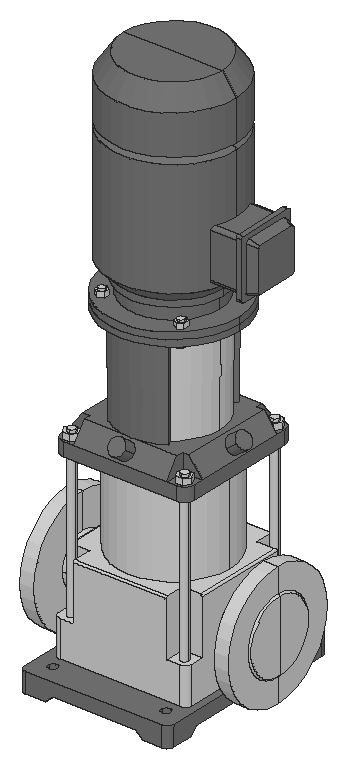
Revit family "TESK_Насос вертикальный_SVM(T)-32", category Оборудование, Revit 2019 (continued)
Types in the file's own list only (64): name | Толщина_ФланцаДвигателя | Напор максимальный | Материал_КорпусУлитка | Высота_Башня | Высота_Корпуса | D_Башня | ADSK_Полная мощность | ADSK_Номинальная мощность | ADSK_Напряжение | ADSK_Наименование | ADSK_Масса_Текст | ADSK_Масса | ADSK_Марка | ADSK_Код изделия | ADSK_Диаметр условный | Фланец_Толщина | УГО_Длина | Двигатель_Ширина | Двигатель_ОтступКоробки | Двигатель_Высота
  SVM 32-6 11kW 3x380V 50Hz IE3 | 17 мм | 108 | TESK_Нержавеющая сталь | 280 мм | 960 мм | 263 мм | 11 кВ·А | 11 кВт | 400 В | "Вертикальный многоступенчатый центробежный насос SVM, DN65, PN25-40, Hmax=108м (3x380V 50Hz IE3)" | "185" | 185 | "SVM 32-6 11kW 3x380V 50Hz IE3" | "7732-60003380NSSF" | 65 мм | 24 мм | 320 мм | 350 мм | 260 мм | 580 мм
  SVM 32-70-2 15kW 3x380V 50Hz IE3 | 17 мм | 119 | TESK_Нержавеющая сталь | 300 мм | 1030 мм | 263 мм | 15 кВ·А | 15 кВт | 400 В | "Вертикальный многоступенчатый центробежный насос SVM, DN65, PN25-40, Hmax=119м (3x380V 50Hz IE3)" | "199" | 199 | "SVM 32-70-2 15kW 3x380V 50Hz IE3" | "7732-7-20003380NSSF" | 65 мм | 24 мм | 320 мм | 350 мм | 260 мм | 580 мм
  SVM 32-7 15kW 3x380V 50Hz IE3 | 17 мм | 126 | TESK_Нержавеющая сталь | 300 мм | 1030 мм | 263 мм | 15 кВ·А | 15 кВт | 400 В | "Вертикальный многоступенчатый центробежный насос SVM, DN65, PN25-40, Hmax=126м (3x380V 50Hz IE3)" | "199" | 199 | "SVM 32-7 15kW 3x380V 50Hz IE3" | "7732-70003380NSSF" | 65 мм | 24 мм | 320 мм | 350 мм | 260 мм | 580 мм
  SVM 32-80-2 15kW 3x380V 50Hz IE3 | 17 мм | 136 | TESK_Нержавеющая сталь | 320 мм | 1100 мм | 263 мм | 15 кВ·А | 15 кВт | 400 В | "Вертикальный многоступенчатый центробежный насос SVM, DN65, PN25-40, Hmax=136м (3x380V 50Hz IE3)" | "203" | 203 | "SVM 32-80-2 15kW 3x380V 50Hz IE3" | "7732-8-20003380NSSF" | 65 мм | 24 мм | 320 мм | 350 мм | 260 мм | 580 мм
  SVM 32-8 15kW 3x380V 50Hz IE3 | 17 мм | 144 | TESK_Нержавеющая сталь | 320 мм | 1100 мм | 263 мм | 15 кВ·А | 15 кВт | 400 В | "Вертикальный многоступенчатый центробежный насос SVM, DN65, PN25-40, Hmax=144м (3x380V 50Hz IE3)" | "203" | 203 | "SVM 32-8 15kW 3x380V 50Hz IE3" | "7732-80003380NSSF" | 65 мм | 24 мм | 320 мм | 350 мм | 260 мм | 580 мм
  SVM 32-90-2 18.5kW 3x380V 50Hz IE3 | 18 мм | 154 | TESK_Нержавеющая сталь | 340 мм | 1170 мм | 263 мм | 19 кВ·А | 19 кВт | 400 В | "Вертикальный многоступенчатый центробежный насос SVM, DN65, PN25-40, Hmax=154м (3x380V 50Hz IE3)" | "222" | 222 | "SVM 32-90-2 18.5kW 3x380V 50Hz IE3" | "7732-9-20003380NSSF" | 65 мм | 24 мм | 320 мм | 350 мм | 260 мм | 610 мм
  SVM 32-9 18.5kW 3x380V 50Hz IE3 | 18 мм | 162 | TESK_Нержавеющая сталь | 340 мм | 1170 мм | 263 мм | 19 кВ·А | 19 кВт | 400 В | "Вертикальный многоступенчатый центробежный насос SVM, DN65, PN25-40, Hmax=162м (3x380V 50Hz IE3)" | "222" | 222 | "SVM 32-9 18.5kW 3x380V 50Hz IE3" | "7732-90003380NSSF" | 65 мм | 24 мм | 320 мм | 350 мм | 260 мм | 610 мм
  SVM 32-100-2 18.5kW 3x380V 50Hz IE3 | 18 мм | 175 | TESK_Нержавеющая сталь | 360 мм | 1240 мм | 263 мм | 19 кВ·А | 19 кВт | 400 В | "Вертикальный многоступенчатый центробежный насос SVM, DN65, PN25-40, Hmax=175м (3x380V 50Hz IE3)" | "227" | 227 | "SVM 32-100-2 18.5kW 3x380V 50Hz IE3" | "7732-1020003380NSSF" | 65 мм | 24 мм | 320 мм | 350 мм | 260 мм | 610 мм
  SVM 32-10 18.5kW 3x380V 50Hz IE3 | 18 мм | 182 | TESK_Нержавеющая сталь | 360 мм | 1240 мм | 263 мм | 19 кВ·А | 19 кВт | 400 В | "Вертикальный многоступенчатый центробежный насос SVM, DN65, PN25-40, Hmax=182м (3x380V 50Hz IE3)" | "227" | 227 | "SVM 32-10 18.5kW 3x380V 50Hz IE3" | "7732-1000003380NSSF" | 65 мм | 24 мм | 320 мм | 350 мм | 260 мм | 610 мм
  SVM 32-110-2 22kW 3x380V 50Hz IE3 | 19 мм | 193 | TESK_Нержавеющая сталь | 380 мм | 1310 мм | 270 мм | 22 кВ·А | 22 кВт | 400 В | "Вертикальный многоступенчатый центробежный насос SVM, DN65, PN25-40, Hmax=193м (3x380V 50Hz IE3)" | "272" | 272 | "SVM 32-110-2 22kW 3x380V 50Hz IE3" | "7732-110003380N-2SSF" | 65 мм | 24 мм | 320 мм | 360 мм | 285 мм | 645 мм
  SVM 32-11 22kW 3x380V 50Hz IE3 | 19 мм | 200 | TESK_Нержавеющая сталь | 380 мм | 1310 мм | 270 мм | 22 кВ·А | 22 кВт | 400 В | "Вертикальный многоступенчатый центробежный насос SVM, DN65, PN25-40, Hmax=200м (3x380V 50Hz IE3)" | "272" | 272 | "SVM 32-11 22kW 3x380V 50Hz IE3" | "7732-110003380NSSF" | 65 мм | 24 мм | 320 мм | 360 мм | 285 мм | 645 мм
  SVM 32-120-2 22kW 3x380V 50Hz IE3 | 19 мм | 211 | TESK_Нержавеющая сталь | 400 мм | 1380 мм | 270 мм | 22 кВ·А | 22 кВт | 400 В | "Вертикальный многоступенчатый центробежный насос SVM, DN65, PN25-40, Hmax=211м (3x380V 50Hz IE3)" | "276" | 276 | "SVM 32-120-2 22kW 3x380V 50Hz IE3" | "7732-12-20003380NSSF" | 65 мм | 24 мм | 320 мм | 360 мм | 285 мм | 645 мм
  SVM 32-12 22kW 3x380V 50Hz IE3 | 19 мм | 218 | TESK_Нержавеющая сталь | 400 мм | 1380 мм | 270 мм | 22 кВ·А | 22 кВт | 400 В | "Вертикальный многоступенчатый центробежный насос SVM, DN65, PN25-40, Hmax=218м (3x380V 50Hz IE3)" | "276" | 276 | "SVM 32-12 22kW 3x380V 50Hz IE3" | "7732-120003380NSSF" | 65 мм | 24 мм | 320 мм | 360 мм | 285 мм | 645 мм
  SVM 32-130-2 30kW 3x380V 50Hz IE3 | 21 мм | 230 | TESK_Нержавеющая сталь | 420 мм | 1450 мм | 300 мм | 30 кВ·А | 30 кВт | 400 В | "Вертикальный многоступенчатый центробежный насос SVM, DN65, PN25-40, Hmax=230м (3x380V 50Hz IE3)" | "337" | 337 | "SVM 32-130-2 30kW 3x380V 50Hz IE3" | "7732-1320003380NSSF" | 65 мм | 24 мм | 320 мм | 400 мм | 310 мм | 705 мм
  SVM 32-13 30kW 3x380V 50Hz IE3 | 21 мм | 237 | TESK_Нержавеющая сталь | 420 мм | 1450 мм | 300 мм | 30 кВ·А | 30 кВт | 400 В | "Вертикальный многоступенчатый центробежный насос SVM, DN65, PN25-40, Hmax=237м (3x380V 50Hz IE3)" | "337" | 337 | "SVM 32-13 30kW 3x380V 50Hz IE3" | "7732-130003380NSSF" | 65 мм | 24 мм | 320 мм | 400 мм | 310 мм | 705 мм
  SVM 32-140-2 30kW 3x380V 50Hz IE3 | 21 мм | 247 | TESK_Нержавеющая сталь | 440 мм | 1520 мм | 300 мм | 30 кВ·А | 30 кВт | 400 В | "Вертикальный многоступенчатый центробежный насос SVM, DN65, PN25-40, Hmax=247м (3x380V 50Hz IE3)" | "341" | 341 | "SVM 32-140-2 30kW 3x380V 50Hz IE3" | "7732-1420003380NSSF" | 65 мм | 24 мм | 320 мм | 400 мм | 310 мм | 705 мм
  SVM 32-14 30kW 3x380V 50Hz IE3 | 21 мм | 255 | TESK_Нержавеющая сталь | 440 мм | 1520 мм | 300 мм | 30 кВ·А | 30 кВт | 400 В | "Вертикальный многоступенчатый центробежный насос SVM, DN65, PN25-40, Hmax=255м (3x380V 50Hz IE3)" | "341" | 341 | "SVM 32-14 30kW 3x380V 50Hz IE3" | "7732-140003380NSSF" | 65 мм | 24 мм | 320 мм | 400 мм | 310 мм | 705 мм
  SVM 32-150-2 30kW 3x380V 50Hz IE3 | 21 мм | 266 | TESK_Нержавеющая сталь | 460 мм | 1590 мм | 300 мм | 30 кВ·А | 30 кВт | 400 В | "Вертикальный многоступенчатый центробежный насос SVM, DN65, PN25-40, Hmax=266м (3x380V 50Hz IE3)" | "345" | 345 | "SVM 32-150-2 30kW 3x380V 50Hz IE3" | "7732-15-20003380NSSF" | 65 мм | 24 мм | 320 мм | 400 мм | 310 мм | 705 мм
  SVM 32-15 30kW 3x380V 50Hz IE3 | 21 мм | 274 | TESK_Нержавеющая сталь | 460 мм | 1590 мм | 300 мм | 30 кВ·А | 30 кВт | 400 В | "Вертикальный многоступенчатый центробежный насос SVM, DN65, PN25-40, Hmax=274м (3x380V 50Hz IE3)" | "345" | 345 | "SVM 32-15 30kW 3x380V 50Hz IE3" | "7732-150003380NSSF" | 65 мм | 24 мм | 320 мм | 400 мм | 310 мм | 705 мм
  SVM 32-160-2 30kW 3x380V 50Hz IE3 | 21 мм | 284 | TESK_Нержавеющая сталь | 480 мм | 1660 мм | 300 мм | 30 кВ·А | 30 кВт | 400 В | "Вертикальный многоступенчатый центробежный насос SVM, DN65, PN25-40, Hmax=284м (3x380V 50Hz IE3)" | "350" | 350 | "SVM 32-160-2 30kW 3x380V 50Hz IE3" | "7732-16-20003380NSSF" | 65 мм | 24 мм | 320 мм | 400 мм | 310 мм | 705 мм
  SVM 32-16 30kW 3x380V 50Hz IE3 | 21 мм | 292 | TESK_Нержавеющая сталь | 480 мм | 1660 мм | 300 мм | 30 кВ·А | 30 кВт | 400 В | "Вертикальный многоступенчатый центробежный насос SVM, DN65, PN25-40, Hmax=292м (3x380V 50Hz IE3)" | "350" | 350 | "SVM 32-16 30kW 3x380V 50Hz IE3" | "7732-160003380NSSF" | 65 мм | 24 мм | 320 мм | 400 мм | 310 мм | 705 мм
  SVMT 32-10-1 1.5kW 3x380V 50Hz IE3 | 10 мм | 14 | TESK_Черный_Условный | 180 мм | 505 мм | 143 мм | 2 кВ·А | 2 кВт | 400 В | "Вертикальный многоступенчатый центробежный насос SVMT, DN65, PN25-40, Hmax=14м (3x380V 50Hz IE3)" | "67" | 67 | "SVMT 32-10-1 1.5kW 3x380V 50Hz IE3" | "7732-10-10003380N" | 65 мм | 24 мм | 320 мм | 190 мм | 155 мм | 333 мм
  SVMT 32-1 2.2kW 3x380V 50Hz IE3 | 10 мм | 18 | TESK_Черный_Условный | 180 мм | 505 мм | 143 мм | 2 кВ·А | 2 кВт | 400 В | "Вертикальный многоступенчатый центробежный насос SVMT, DN65, PN25-40, Hmax=18м (3x380V 50Hz IE3)" | "67" | 67 | "SVMT 32-1 2.2kW 3x380V 50Hz IE3" | "7732-10003380N" | 65 мм | 24 мм | 320 мм | 190 мм | 155 мм | 333 мм
  SVMT 32-20-2 3kW 3x380V 50Hz IE3 | 11 мм | 29 | TESK_Черный_Условный | 200 мм | 575 мм | 173 мм | 3 кВ·А | 3 кВт | 400 В | "Вертикальный многоступенчатый центробежный насос SVMT, DN65, PN25-40, Hmax=29м (3x380V 50Hz IE3)" | "83" | 83 | "SVMT 32-20-2 3kW 3x380V 50Hz IE3" | "7732-2-20003380N" | 65 мм | 24 мм | 320 мм | 230 мм | 185 мм | 370 мм
  SVMT 32-2 4kW 3x380V 50Hz IE3 | 11 мм | 36 | TESK_Черный_Условный | 200 мм | 575 мм | 173 мм | 4 кВ·А | 4 кВт | 400 В | "Вертикальный многоступенчатый центробежный насос SVMT, DN65, PN25-40, Hmax=36м (3x380V 50Hz IE3)" | "83" | 83 | "SVMT 32-2 4kW 3x380V 50Hz IE3" | "7732-20003380N" | 65 мм | 24 мм | 320 мм | 230 мм | 185 мм | 370 мм
  SVMT 32-30-2 5.5kW 3x380V 50Hz IE3 | 13 мм | 47 | TESK_Черный_Условный | 220 мм | 645 мм | 195 мм | 6 кВ·А | 6 кВт | 400 В | "Вертикальный многоступенчатый центробежный насос SVMT, DN65, PN25-40, Hmax=47м (3x380V 50Hz IE3)" | "100" | 100 | "SVMT 32-30-2 5.5kW 3x380V 50Hz IE3" | "7732-32003380N" | 65 мм | 24 мм | 320 мм | 260 мм | 208 мм | 435 мм
  SVMT 32-3 5.5kW 3x380V 50Hz IE3 | 13 мм | 54 | TESK_Черный_Условный | 220 мм | 645 мм | 195 мм | 6 кВ·А | 6 кВт | 400 В | "Вертикальный многоступенчатый центробежный насос SVMT, DN65, PN25-40, Hmax=54м (3x380V 50Hz IE3)" | "100" | 100 | "SVMT 32-3 5.5kW 3x380V 50Hz IE3" | "7732-30003380N" | 65 мм | 24 мм | 320 мм | 260 мм | 208 мм | 435 мм
  SVMT 32-40-2 7.5kW 3x380V 50Hz IE3 | 13 мм | 65 | TESK_Черный_Условный | 240 мм | 715 мм | 195 мм | 8 кВ·А | 8 кВт | 400 В | "Вертикальный многоступенчатый центробежный насос SVMT, DN65, PN25-40, Hmax=65м (3x380V 50Hz IE3)" | "109" | 109 | "SVMT 32-40-2 7.5kW 3x380V 50Hz IE3" | "7732-420003380N" | 65 мм | 24 мм | 320 мм | 260 мм | 208 мм | 435 мм
  SVMT 32-4 7.5kW 3x380V 50Hz IE3 | 13 мм | 72 | TESK_Черный_Условный | 240 мм | 715 мм | 195 мм | 8 кВ·А | 8 кВт | 400 В | "Вертикальный многоступенчатый центробежный насос SVMT, DN65, PN25-40, Hmax=72м (3x380V 50Hz IE3)" | "109" | 109 | "SVMT 32-4 7.5kW 3x380V 50Hz IE3" | "7732-40003380N" | 65 мм | 24 мм | 320 мм | 260 мм | 208 мм | 435 мм
  SVMT 32-50-2 11kW 3x380V 50Hz IE3 | 17 мм | 83 | TESK_Черный_Условный | 260 мм | 890 мм | 263 мм | 11 кВ·А | 11 кВт | 400 В | "Вертикальный многоступенчатый центробежный насос SVMT, DN65, PN25-40, Hmax=83м (3x380V 50Hz IE3)" | "181" | 181 | "SVMT 32-50-2 11kW 3x380V 50Hz IE3" | "7732-5-20003380N" | 65 мм | 24 мм | 320 мм | 350 мм | 260 мм | 580 мм
  SVMT 32-5 11kW 3x380V 50Hz IE3 | 17 мм | 90 | TESK_Черный_Условный | 260 мм | 890 мм | 263 мм | 11 кВ·А | 11 кВт | 400 В | "Вертикальный многоступенчатый центробежный насос SVMT, DN65, PN25-40, Hmax=90м (3x380V 50Hz IE3)" | "181" | 181 | "SVMT 32-5 11kW 3x380V 50Hz IE3" | "7732-50003380N" | 65 мм | 24 мм | 320 мм | 350 мм | 260 мм | 580 мм
  SVMT 32-60-2 11kW 3x380V 50Hz IE3 | 17 мм | 101 | TESK_Черный_Условный | 280 мм | 960 мм | 263 мм | 11 кВ·А | 11 кВт | 400 В | "Вертикальный многоступенчатый центробежный насос SVMT, DN65, PN25-40, Hmax=101м (3x380V 50Hz IE3)" | "185" | 185 | "SVMT 32-60-2 11kW 3x380V 50Hz IE3" | "7732-6-20003380N" | 65 мм | 24 мм | 320 мм | 350 мм | 260 мм | 580 мм
  SVMT 32-6 11kW 3x380V 50Hz IE3 | 17 мм | 108 | TESK_Черный_Условный | 280 мм | 960 мм | 263 мм | 11 кВ·А | 11 кВт | 400 В | "Вертикальный многоступенчатый центробежный насос SVMT, DN65, PN25-40, Hmax=108м (3x380V 50Hz IE3)" | "185" | 185 | "SVMT 32-6 11kW 3x380V 50Hz IE3" | "7732-60003380N" | 65 мм | 24 мм | 320 мм | 350 мм | 260 мм | 580 мм
  SVMT 32-70-2 15kW 3x380V 50Hz IE3 | 17 мм | 119 | TESK_Черный_Условный | 300 мм | 1030 мм | 263 мм | 15 кВ·А | 15 кВт | 400 В | "Вертикальный многоступенчатый центробежный насос SVMT, DN65, PN25-40, Hmax=119м (3x380V 50Hz IE3)" | "199" | 199 | "SVMT 32-70-2 15kW 3x380V 50Hz IE3" | "7732-7-20003380N" | 65 мм | 24 мм | 320 мм | 350 мм | 260 мм | 580 мм
  SVMT 32-7 15kW 3x380V 50Hz IE3 | 17 мм | 126 | TESK_Черный_Условный | 300 мм | 1030 мм | 263 мм | 15 кВ·А | 15 кВт | 400 В | "Вертикальный многоступенчатый центробежный насос SVMT, DN65, PN25-40, Hmax=126м (3x380V 50Hz IE3)" | "199" | 199 | "SVMT 32-7 15kW 3x380V 50Hz IE3" | "7732-70003380N" | 65 мм | 24 мм | 320 мм | 350 мм | 260 мм | 580 мм
  SVMT 32-80-2 15kW 3x380V 50Hz IE3 | 17 мм | 136 | TESK_Черный_Условный | 320 мм | 1100 мм | 263 мм | 15 кВ·А | 15 кВт | 400 В | "Вертикальный многоступенчатый центробежный насос SVMT, DN65, PN25-40, Hmax=136м (3x380V 50Hz IE3)" | "203" | 203 | "SVMT 32-80-2 15kW 3x380V 50Hz IE3" | "7732-8-20003380N" | 65 мм | 24 мм | 320 мм | 350 мм | 260 мм | 580 мм
  SVMT 32-8 15kW 3x380V 50Hz IE3 | 17 мм | 144 | TESK_Черный_Условный | 320 мм | 1100 мм | 263 мм | 15 кВ·А | 15 кВт | 400 В | "Вертикальный многоступенчатый центробежный насос SVMT, DN65, PN25-40, Hmax=144м (3x380V 50Hz IE3)" | "203" | 203 | "SVMT 32-8 15kW 3x380V 50Hz IE3" | "7732-80003380N" | 65 мм | 24 мм | 320 мм | 350 мм | 260 мм | 580 мм
  SVMT 32-90-2 18.5kW 3x380V 50Hz IE3 | 18 мм | 154 | TESK_Черный_Условный | 340 мм | 1170 мм | 263 мм | 19 кВ·А | 19 кВт | 400 В | "Вертикальный многоступенчатый центробежный насос SVMT, DN65, PN25-40, Hmax=154м (3x380V 50Hz IE3)" | "222" | 222 | "SVMT 32-90-2 18.5kW 3x380V 50Hz IE3" | "7732-9-20003380N" | 65 мм | 24 мм | 320 мм | 350 мм | 260 мм | 610 мм
  SVMT 32-9 18.5kW 3x380V 50Hz IE3 | 18 мм | 162 | TESK_Черный_Условный | 340 мм | 1170 мм | 263 мм | 19 кВ·А | 19 кВт | 400 В | "Вертикальный многоступенчатый центробежный насос SVMT, DN65, PN25-40, Hmax=162м (3x380V 50Hz IE3)" | "222" | 222 | "SVMT 32-9 18.5kW 3x380V 50Hz IE3" | "7732-90003380N" | 65 мм | 24 мм | 320 мм | 350 мм | 260 мм | 610 мм
  SVMT 32-100-2 18.5kW 3x380V 50Hz IE3 | 18 мм | 175 | TESK_Черный_Условный | 360 мм | 1240 мм | 263 мм | 19 кВ·А | 19 кВт | 400 В | "Вертикальный многоступенчатый центробежный насос SVMT, DN65, PN25-40, Hmax=175м (3x380V 50Hz IE3)" | "227" | 227 | "SVMT 32-100-2 18.5kW 3x380V 50Hz IE3" | "7732-1020003380N" | 65 мм | 24 мм | 320 мм | 350 мм | 260 мм | 610 мм
  SVMT 32-10 18.5kW 3x380V 50Hz IE3 | 18 мм | 182 | TESK_Черный_Условный | 360 мм | 1240 мм | 263 мм | 19 кВ·А | 19 кВт | 400 В | "Вертикальный многоступенчатый центробежный насос SVMT, DN65, PN25-40, Hmax=182м (3x380V 50Hz IE3)" | "227" | 227 | "SVMT 32-10 18.5kW 3x380V 50Hz IE3" | "7732-1000003380N" | 65 мм | 24 мм | 320 мм | 350 мм | 260 мм | 610 мм
  SVMT 32-110-2 22kW 3x380V 50Hz IE3 | 19 мм | 193 | TESK_Черный_Условный | 380 мм | 1310 мм | 270 мм | 22 кВ·А | 22 кВт | 400 В | "Вертикальный многоступенчатый центробежный насос SVMT, DN65, PN25-40, Hmax=193м (3x380V 50Hz IE3)" | "272" | 272 | "SVMT 32-110-2 22kW 3x380V 50Hz IE3" | "7732-110003380N-2" | 65 мм | 24 мм | 320 мм | 360 мм | 285 мм | 645 мм
  SVMT 32-11 22kW 3x380V 50Hz IE3 | 19 мм | 200 | TESK_Черный_Условный | 380 мм | 1310 мм | 270 мм | 22 кВ·А | 22 кВт | 400 В | "Вертикальный многоступенчатый центробежный насос SVMT, DN65, PN25-40, Hmax=200м (3x380V 50Hz IE3)" | "272" | 272 | "SVMT 32-11 22kW 3x380V 50Hz IE3" | "7732-110003380N" | 65 мм | 24 мм | 320 мм | 360 мм | 285 мм | 645 мм
  SVMT 32-120-2 22kW 3x380V 50Hz IE3 | 19 мм | 211 | TESK_Черный_Условный | 400 мм | 1380 мм | 270 мм | 22 кВ·А | 22 кВт | 400 В | "Вертикальный многоступенчатый центробежный насос SVMT, DN65, PN25-40, Hmax=211м (3x380V 50Hz IE3)" | "276" | 276 | "SVMT 32-120-2 22kW 3x380V 50Hz IE3" | "7732-12-20003380N" | 65 мм | 24 мм | 320 мм | 360 мм | 285 мм | 645 мм
  SVMT 32-12 22kW 3x380V 50Hz IE3 | 19 мм | 218 | TESK_Черный_Условный | 400 мм | 1380 мм | 270 мм | 22 кВ·А | 22 кВт | 400 В | "Вертикальный многоступенчатый центробежный насос SVMT, DN65, PN25-40, Hmax=218м (3x380V 50Hz IE3)" | "276" | 276 | "SVMT 32-12 22kW 3x380V 50Hz IE3" | "7732-120003380N" | 65 мм | 24 мм | 320 мм | 360 мм | 285 мм | 645 мм
  SVMT 32-130-2 30kW 3x380V 50Hz IE3 | 21 мм | 230 | TESK_Черный_Условный | 420 мм | 1450 мм | 300 мм | 30 кВ·А | 30 кВт | 400 В | "Вертикальный многоступенчатый центробежный насос SVMT, DN65, PN25-40, Hmax=230м (3x380V 50Hz IE3)" | "337" | 337 | "SVMT 32-130-2 30kW 3x380V 50Hz IE3" | "7732-1320003380N" | 65 мм | 24 мм | 320 мм | 400 мм | 310 мм | 705 мм
  SVMT 32-13 30kW 3x380V 50Hz IE3 | 21 мм | 237 | TESK_Черный_Условный | 420 мм | 1450 мм | 300 мм | 30 кВ·А | 30 кВт | 400 В | "Вертикальный многоступенчатый центробежный насос SVMT, DN65, PN25-40, Hmax=237м (3x380V 50Hz IE3)" | "337" | 337 | "SVMT 32-13 30kW 3x380V 50Hz IE3" | "7732-130003380N" | 65 мм | 24 мм | 320 мм | 400 мм | 310 мм | 705 мм
  SVMT 32-140-2 30kW 3x380V 50Hz IE3 | 21 мм | 247 | TESK_Черный_Условный | 440 мм | 1520 мм | 300 мм | 30 кВ·А | 30 кВт | 400 В | "Вертикальный многоступенчатый центробежный насос SVMT, DN65, PN25-40, Hmax=247м (3x380V 50Hz IE3)" | "341" | 341 | "SVMT 32-140-2 30kW 3x380V 50Hz IE3" | "7732-1420003380N" | 65 мм | 24 мм | 320 мм | 400 мм | 310 мм | 705 мм
  SVMT 32-14 30kW 3x380V 50Hz IE3 | 21 мм | 255 | TESK_Черный_Условный | 440 мм | 1520 мм | 300 мм | 30 кВ·А | 30 кВт | 400 В | "Вертикальный многоступенчатый центробежный насос SVMT, DN65, PN25-40, Hmax=255м (3x380V 50Hz IE3)" | "341" | 341 | "SVMT 32-14 30kW 3x380V 50Hz IE3" | "7732-140003380N" | 65 мм | 24 мм | 320 мм | 400 мм | 310 мм | 705 мм
  SVMT 32-150-2 30kW 3x380V 50Hz IE3 | 21 мм | 266 | TESK_Черный_Условный | 460 мм | 1590 мм | 300 мм | 30 кВ·А | 30 кВт | 400 В | "Вертикальный многоступенчатый центробежный насос SVMT, DN65, PN25-40, Hmax=266м (3x380V 50Hz IE3)" | "345" | 345 | "SVMT 32-150-2 30kW 3x380V 50Hz IE3" | "7732-15-20003380N" | 65 мм | 24 мм | 320 мм | 400 мм | 310 мм | 705 мм
  SVMT 32-15 30kW 3x380V 50Hz IE3 | 21 мм | 274 | TESK_Черный_Условный | 460 мм | 1590 мм | 300 мм | 30 кВ·А | 30 кВт | 400 В | "Вертикальный многоступенчатый центробежный насос SVMT, DN65, PN25-40, Hmax=274м (3x380V 50Hz IE3)" | "345" | 345 | "SVMT 32-15 30kW 3x380V 50Hz IE3" | "7732-150003380N" | 65 мм | 24 мм | 320 мм | 400 мм | 310 мм | 705 мм
  SVMT 32-160-2 30kW 3x380V 50Hz IE3 | 21 мм | 284 | TESK_Черный_Условный | 480 мм | 1660 мм | 300 мм | 30 кВ·А | 30 кВт | 400 В | "Вертикальный многоступенчатый центробежный насос SVMT, DN65, PN25-40, Hmax=284м (3x380V 50Hz IE3)" | "350" | 350 | "SVMT 32-160-2 30kW 3x380V 50Hz IE3" | "7732-16-20003380N" | 65 мм | 24 мм | 320 мм | 400 мм | 310 мм | 705 мм
  SVMT 32-16 30kW 3x380V 50Hz IE3 | 21 мм | 292 | TESK_Черный_Условный | 480 мм | 1660 мм | 300 мм | 30 кВ·А | 30 кВт | 400 В | "Вертикальный многоступенчатый центробежный насос SVMT, DN65, PN25-40, Hmax=292м (3x380V 50Hz IE3)" | "350" | 350 | "SVMT 32-16 30kW 3x380V 50Hz IE3" | "7732-160003380N" | 65 мм | 24 мм | 320 мм | 400 мм | 310 мм | 705 мм
